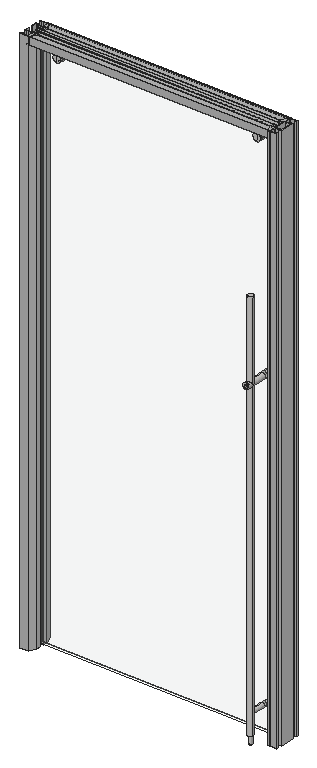
Revit family "Doors_Sliding_Avanti_Systems_Cloud-Eclipse-Sliding-Glass-Pocket-Doors_Dbl-Glazed", category Doors, Revit 2015
Parameters (values of type "Load Family Type Catalog")
  Youtube clip = ""
  Weight Net (Kg) = "0"
  Warranty = "1 year"  # constant formula
  Uniformat II Description = "Interior Doors"
  Uniformat II Code = "C1020"
  Uniclass 2015 Name = "Sliding door and partition sets"
  Uniclass 2015 Code = "Pr_30_59_24_80"
  Uniclass 2.0 Description = "Sliding Door And Partition Sets"
  Uniclass 2.0 Code = "PR-59-23-77"
  Uniclass 1.4 Description = "Doors"
  Uniclass 1.4 Code = "JL20"
  URL = "www.avantisystemsusa.com"
  UNSPSC Code = "30171501"
  Type = 1
  Thickness = if(Type = 1, 1/2", 3/8")  # 1/2"
  Technical description = "https://www.avantisystemsusa.com/wp-content/uploads/products/17-pocket-doors/POCKET-SLDING-GLASS-DOOR.pdf"
  Sound Rating = 0
  Region South America = "All"
  Region Oceania = "All"
  Region North America = "All"
  Region Middle East = "All"
  Region Europe = "All"
  Region Asia = "All"
  Region Antarctica = "All"
  Region Africa = "All"
  Rail Width [instance] = (Opening Width * 2) + 6 5/16"  # 80 5/16"
  QR code = "http://bimobject.com/avantisystems/product/avanti-eclipse-pocket-door"
  Product url = "https://www.avantisystemsusa.com/glass-products/doors/sliding-doors/pocket-doors/"
  Product group = "Pocket Doors"
  Product family = "Sliding Doors"
  Product data url = "https://bimobject.com/avantisystems/product/avanti-eclipse-pocket-door"
  Product certification = ""
  Product SKU = "avanti-eclipse-pocket-door"
  Product Guid = "fa5a576a-2abc-4d75-8a27-b0dd0871f092"
  Opening Width [instance] = 37"
  OmniClass Description = "Sliding All Glass Doors"
  OmniClass Code = "23-17 11 23 13"
  Nominal width = 0"
  Nominal height = 0"
  NBS Reference Description = "Sliding Door And Partition Sets"
  NBS Reference Code = "59-23-77"
  Model = "Eclipse™ Sliding Glass Pocket Doors"  # constant formula
  Material secondary = "Aluminium"
  Material main = "Glass"
  Masterformat 2014 Description = "Sliding Aluminum-Framed Glass Doors"
  Masterformat 2014 Code = "08 32 13"
  Manufacturer name = "Avanti Systems"
  Manufacturer country = ""
  Manufacturer = "Avanti Systems USA"  # constant formula
  Lock = "Thumb turn floor lock with a key"
  Ladder Pull Height [instance] = 18"
  LEED compatibility = "YES"
  Installation instructions = ""
  IFC Classification = "Door"
  Hardware material [instance] = Stainless Steel - Avanti- Brushed Finish
  Handle type [instance] = Handle : 60" Ladder Pull
  Glazing = "Safety Glazing SGCC"
  Glass Width [instance] = 35.68543"
  Glass Material = Glass - Avanti - Laminated Glass
  Glass Marker = yes
  Glass Height [instance] = 81.89207"
  Gap Thickness = 5/16" + 1" / 64  # 21/64"
  Function = Interior
  Frame Material [instance] = Polyester powder - Avanti - White aluminium METALLIC - RAL9006
  Edition number = 1
  EAN code = ""
  Design country = "United States"
  Description = "The Pocket Sliding Glass Door slides smoothly into our Solare™Double Glazed Partition System or a solid traditional wall offering a space saving, ultramodern interior entryway, pleasing to the eye. "  # constant formula
  Date of publishing = ""
  Clear Anodic Finish = "AAMA 611, AA-M12c22A31, Class II, 0.01mm or thicker"
  COBIe Type Category = ""
  Brand url = "http://www.avantisystemsusa.com/"
  BIMobject main category code = "doors"
  BIMobject main category = "Doors"
  BIMobject category code = "doors-sliding"
  BIMobject category = "Sliding"
  Analytic Construction = "<None>"
Reference planes (in)
  plane 1 "Center (Front/Back)": y = 0
  plane 2: z = 0
  plane 3 "Center (Left/Right)": x = 3.24894
  plane 4: x = -15.25106
  plane 5: x = 21.74894
  plane 6 "Top": z = 84
  plane 7 "Curtain_wall_center": y = 0
  plane 8 "Curtain_wall_exterior": y = 0.25
  plane 9 "Curtain_wall_interior": y = -0.25
  plane 10 "Handle_placement_top": z = 18
  plane 11 "Handle_placement_level": x = 19.24894
  plane 12: z = 0.375
  plane 13: x = 18.49894
  plane 14: x = -12.00106
  plane 15: z = 83.48911
  plane 16: z = 82.26707
  plane 17: z = 41.13353
Forms (in)
  Extrusion 1, solid, material "Glass - Avanti - Laminated Glass" <- "Glass Material"
    sketch origin (0, -0.89063, 0) x (1, 0, 0) y (0, 1, 0)
      loop
        line (-14.59373, 1.14063) -> (-14.59373, 0.64063) -> (21.09169, 0.64063) -> (21.09169, 1.14063) -> (-14.59373, 1.14063)
    from 0.375 to 82.26707
  Sweep 2, solid, material "Polyester powder - Avanti - White aluminium METALLIC - RAL9006" <- "Frame Material"
    path origin (0, 0, 0) x (1, 0, 0) y (0, 0, 1)
      loop
        line (21.74894, 84) -> (21.74894, 0)
    profile origin (21.74894, 0, 42) x (0, -1, 0) y (1, 0, 0)
      loop
        line (-0.96, -0.65725) -> (-0.3916, -0.65725) -> (-0.31686, -0.37561) -> (-0.47457, -0.33335) -> (-0.54529, -0.59725) -> (-0.78, -0.59725) -> (-0.78, 0) -> (0.78, 0) -> (0.78, -0.59725) -> (0.54261, -0.59725) -> (0.47138, -0.33141) -> (0.31303, -0.37384) -> (0.38896, -0.65725) -> (0.96, -0.65725) -> (2, -0.21489) -> (2, 1.08111) -> (1.85056, 1.08111) -> (1.77462, 0.7977) -> (1.94, 0.75339) -> (1.94, -0.00002) -> (0.98901, -0.00002) -> (0.98901, 0.75581) -> (1.14538, 0.7977) -> (1.06996, 1.07917) -> (-1.06996, 1.07917) -> (-1.14538, 0.7977) -> (-0.98901, 0.75581) -> (-0.98901, -0.00002) -> (-1.94, -0.00002) -> (-1.94, 0.75339) -> (-1.77462, 0.7977) -> (-1.85056, 1.08111) -> (-2, 1.08111) -> (-2, -0.21489) -> (-0.96, -0.65725)
      loop
        line (-0.91988, 0.05998) -> (0.91988, 0.05998) -> (0.91988, 1.01917) -> (-0.91988, 1.01917) -> (-0.91988, 0.05998)
  Sweep 3, solid, material "Polyester powder - Avanti - White aluminium METALLIC - RAL9006" <- "Frame Material"
    path origin (0, 0, 0) x (1, 0, 0) y (0, 0, 1)
      loop
        line (-15.25106, 84) -> (-15.25106, 0)
    profile origin (-15.25106, 0, 42) x (0, -1, 0) y (1, 0, 0)
      loop
        line (-1.85056, -1.08103) -> (-1.77462, -0.79762) -> (-1.94, -0.75331) -> (-1.94, 0.0001) -> (-0.98901, 0.0001) -> (-0.98901, -0.75573) -> (-1.14538, -0.79762) -> (-1.06996, -1.07909) -> (-0.34, -1.07909) -> (-0.34, -1.01909) -> (-0.91988, -1.01909) -> (-0.91988, -0.0599) -> (-0.34, -0.0599) -> (-0.34, 0) -> (-0.78, 0) -> (-0.78, 0.59733) -> (-0.54529, 0.59733) -> (-0.47457, 0.33343) -> (-0.31686, 0.37569) -> (-0.3916, 0.65732) -> (-0.96001, 0.65732) -> (-2, 0.21497) -> (-2, -1.08103) -> (-1.85056, -1.08103)
      loop
        line (1.85056, -1.08103) -> (2, -1.08103) -> (2, 0.21497) -> (0.96001, 0.65732) -> (0.3916, 0.65732) -> (0.31686, 0.37569) -> (0.47457, 0.33343) -> (0.54529, 0.59733) -> (0.78, 0.59733) -> (0.78, 0) -> (0.34, 0) -> (0.34, -0.0599) -> (0.91988, -0.0599) -> (0.91988, -1.01909) -> (0.34, -1.01909) -> (0.34, -1.07909) -> (1.06996, -1.07909) -> (1.14538, -0.79762) -> (0.98901, -0.75573) -> (0.98901, 0.0001) -> (1.94, 0.0001) -> (1.94, -0.75331) -> (1.77462, -0.79762) -> (1.85056, -1.08103)
  Sweep 4, solid, material "Polyester powder - Avanti - White aluminium METALLIC - RAL9006" <- "Frame Material"
    path origin (0, 0, -1.73293) x (1, 0, 0) y (0, 0, 1)
      loop
        line (21.74894, 84) -> (-15.25106, 84)
    profile origin (3.24894, 0, 82.26707) x (0, 0, -1) y (0, -1, 0)
      loop
        line (-1.73293, -0.91975) -> (-1.73293, -1.99988) -> (-0.65099, -1.99988) -> (-0.65099, -1.85044) -> (-0.91434, -1.77988) -> (-1.67727, -1.77988) -> (-1.67727, -0.98475) -> (-0.9774, -0.98475) -> (-0.9344, -1.14525) -> (-0.65293, -1.06983) -> (-0.65293, -0.91975) -> (-1.59293, -0.91975) -> (-1.59293, -0.69489) -> (0, -0.69489) -> (0, -0.29425) -> (-0.14058, -0.29425) -> (-0.22034, -0.57361) -> (-1.25575, -0.57361) -> (-1.34197, -0.30224) -> (-1.44358, -0.30224) -> (-1.44358, 0.27007) -> (-1.34197, 0.27007) -> (-1.25575, 0.54394) -> (-0.22225, 0.54394) -> (-0.14058, 0.29227) -> (0, 0.29227) -> (0, 0.66511) -> (-1.59293, 0.66511) -> (-1.59293, 0.91975) -> (-0.65293, 0.91975) -> (-0.65293, 1.06983) -> (-0.9344, 1.14525) -> (-0.9774, 0.98475) -> (-1.67727, 0.98475) -> (-1.67727, 1.77988) -> (-0.91434, 1.77988) -> (-0.65099, 1.85044) -> (-0.65099, 1.99988) -> (-1.73293, 1.99988) -> (-1.73293, 0.91975) -> (-1.65293, 0.91975) -> (-1.65293, 0.24) -> (-1.73293, 0.24) -> (-1.73293, -0.24) -> (-1.65293, -0.24) -> (-1.65293, -0.91975) -> (-1.73293, -0.91975)
Lines and regions (in)
  symbolic lines, style "0", not visible
    curve 1: line (-11.39483, 5.69093, 0) -> (-11.39483, 4.43248, 0)
    curve 2: line (-13.64069, 5.69093, 0) -> (-13.64069, 4.43248, 0)
    curve 3: circle (-11.65786, 5.17499, 0) r 0.22256 normal (0, 0, 1)
    curve 4: circle (-11.65786, 5.17499, 0) r 0.13151 normal (0, 0, 1)
    curve 5: circle (-13.37767, 5.17499, 0) r 0.22256 normal (0, 0, 1)
    curve 6: circle (-13.37767, 5.17499, 0) r 0.13151 normal (0, 0, 1)
    curve 7: arc (-12.98268, 5.5493, 0) -> (-13.11464, 5.17499, 0) -> (-12.98268, 4.80068, 0) r 0.59687
    curve 8: arc (-12.05285, 4.80068, 0) -> (-11.92089, 5.17499, 0) -> (-12.05285, 5.5493, 0) r 0.59687
    curve 9: arc (-13.64069, 4.43248, 0) -> (-12.51776, 4.24349, 0) -> (-11.39483, 4.43248, 0) r 3.43052
    curve 10: line (-13.64069, 4.80068, 0) -> (-11.39483, 4.80068, 0)
    curve 11: line (-13.64069, 5.5493, 0) -> (-11.39483, 5.5493, 0)
    curve 12: arc (-13.64069, 5.69093, 0) -> (-12.51776, 5.89326, 0) -> (-11.39483, 5.69093, 0) r 3.2173
    curve 48: line (19.24894, 2.54262, 0) -> (19.24894, 2.75302, 0)
    curve 49: line (20.74894, 4.91762, 0) -> (20.74894, 5.12802, 0)
    curve 50: line (19.24894, -1.75, 0) -> (19.24894, -1.5, 0)
    curve 51: line (20.74894, 0.625, 0) -> (20.74894, 0.875, 0)
  symbolic lines, style "0", detail levels medium+fine
    curve 13: circle (19.24894, 2.52391, 0) r 0.39445 normal (0, 0, 1)
    curve 14: line (18.93894, 2.28001, 0) -> (18.93894, 0.25, 0)
    curve 15: line (19.56195, 2.28387, 0) -> (19.56195, 0.25, 0)
    curve 16: circle (19.24894, -2.52391, 0) r 0.39445 normal (0, 0, -1)
    curve 17: line (18.93894, -2.28001, 0) -> (18.93894, -0.25, 0)
    curve 18: line (19.56195, -2.28387, 0) -> (19.56195, -0.25, 0)
  symbolic lines, style "0", not visible, detail levels medium+fine
    curve 19: circle (20.74894, 4.89891, 0) r 0.39445 normal (0, 0, 1)
    curve 20: line (20.43894, 4.65501, 0) -> (20.43894, 2.625, 0)
    curve 21: line (21.06195, 4.65887, 0) -> (21.06195, 2.625, 0)
    curve 22: circle (20.74894, -0.14891, 0) r 0.39445 normal (0, 0, -1)
    curve 23: line (20.43894, 0.09499, 0) -> (20.43894, 2.125, 0)
    curve 24: line (21.06195, 0.09113, 0) -> (21.06195, 2.125, 0)
  symbolic lines, style "0"
    curve 25: line (-15.25106, -0.25, 0) -> (21.09169, -0.25, 0)
    curve 26: line (21.09169, -0.25, 0) -> (21.09169, 0.25, 0)
    curve 27: line (-15.25106, 0.25, 0) -> (21.09169, 0.25, 0)
    curve 28: line (3.24894, 0.25, 84) -> (3.24894, -0.25, 84)
    curve 29: line (3.24894, 0.25, 70) -> (3.24894, 0.25, 80.93439)
    curve 30: line (3.24894, -0.25, 80.93439) -> (3.24894, -0.25, 0.375)
    curve 31: line (3.24894, 0.25, 0.375) -> (3.24894, 0.25, 71.18005)
    curve 32: line (3.24894, 0.70493, 0) -> (3.24894, 0.40916, 0)
    curve 33: line (-15.25106, 0.25, 0) -> (-15.25106, -0.25, 0)
    curve 34: line (3.24894, 0.25, 0.375) -> (3.24894, -0.25, 0.375)
    curve 35: line (3.24894, 0.25, 81.69283) -> (3.24894, 0.25, 82.26707)
    curve 36: line (3.24894, 0.25, 82.26707) -> (3.24894, -0.25, 82.26707)
    curve 37: line (3.24894, -0.25, 82.26707) -> (3.24894, -0.25, 81.69283)
  symbolic lines, visible <- "Glass Marker"
    curve 38: line (0.42051, -0.24998, 38.30511) -> (6.07737, -0.24998, 43.96196)
    curve 39: line (3.24894, -0.24998, 39.28558) -> (5.0969, -0.24998, 41.13353)
    curve 40: line (1.40098, -0.24998, 41.13353) -> (3.24894, -0.24998, 42.98149)
  symbolic lines, not visible
    curve 41: line (1.40098, 0.25002, 41.13353) -> (5.0969, 0.25002, 41.13353)
    curve 46: line (-1.84534, 0.25002, 22.66367) -> (1.85057, 0.25002, 22.66367)
  model lines, not visible
    curve 42: line (3.24894, 0.25002, 39.28558) -> (3.24894, 0.25002, 42.98149)
    curve 47: line (0.00262, 0.25002, 20.81572) -> (0.00262, 0.25002, 24.51163)
  symbolic lines, visible <- "Glass Marker", not visible
    curve 43: line (-2.82581, -0.24998, 19.83525) -> (2.83104, -0.24998, 25.4921)
    curve 44: line (0.00262, -0.24998, 20.81572) -> (1.85057, -0.24998, 22.66367)
    curve 45: line (-1.84534, -0.24998, 22.66367) -> (0.00262, -0.24998, 24.51163)
Text (in)
  text "Exterior" at (-45.72835, 31.38743, 0), in view "Ref. Level"
Dimensions and locks (in)
  equal spacing: plane 4, plane 3 "Center (Left/Right)", plane 5  (x2)
  equal spacing: plane 8 "Curtain_wall_exterior", plane 7 "Curtain_wall_center", plane 9 "Curtain_wall_interior"
  "Thickness": plane 8 "Curtain_wall_exterior" to plane 9 "Curtain_wall_interior"
  "Ladder Pull Height": plane 2 to plane 10 "Handle_placement_top"
  "Opening Width": plane 4 to plane 5
  plane 2 to plane 12 = 3/8"
  locked: plane 11 "Handle_placement_level" to plane 5 at 2.5
  locked: plane 13 to plane 5 at 3.25
  locked: plane 4 to plane 14 at 3.25
  locked: plane 15 to plane 6 "Top" at 0.51089
  locked: plane 16 to plane 6 "Top" at 1.73293
  plane 8 "Curtain_wall_exterior" to plane 9 "Curtain_wall_interior" = 1/2"
  equal spacing: plane 2, plane 17, plane 16
  "Glass Width": Extrusion 1 to Extrusion 1
  "Glass Height": plane 12 to plane 16
  locked: nested 7 to curve 41 at 7
  aligned and locked: level to plane 2
  aligned and locked: curve 27 to plane 8 "Curtain_wall_exterior"
  aligned and locked: curve 25 to plane 9 "Curtain_wall_interior"
  aligned and locked: plane 9 "Curtain_wall_interior" to curve 17
  aligned and locked: plane 8 "Curtain_wall_exterior" to curve 14
  aligned and locked: nested 1 to plane 7 "Curtain_wall_center"
  aligned and locked: nested 2 to plane 7 "Curtain_wall_center"
  aligned and locked: plane 5 to nested 1
  aligned and locked: nested 2 to plane 4
  aligned and locked: plane 4 to curve 33
  aligned and locked: Sweep 2 sketch curve to plane 5
  aligned and locked: plane 2 to Sweep 2 sketch curve
  aligned and locked: Sweep 3 sketch curve to plane 4
  aligned and locked: plane 2 to Sweep 3 sketch curve
  aligned and locked: Extrusion 1 to plane 9 "Curtain_wall_interior"
  aligned and locked: plane 8 "Curtain_wall_exterior" to Extrusion 1
  aligned and locked: nested 3 to plane 7 "Curtain_wall_center"
  aligned and locked: Sweep 4 to plane 6 "Top"
  aligned and locked: plane 6 "Top" to Sweep 2 sketch curve
  aligned and locked: plane 6 "Top" to Sweep 3 sketch curve
  aligned and locked: plane 5 to Sweep 4 sketch curve
  aligned and locked: plane 4 to Sweep 4 sketch curve
  aligned and locked: nested 3 to curve 29
  aligned and locked: plane 12 to curve 34
  aligned and locked: nested 4 to plane 7 "Curtain_wall_center"
  aligned and locked: nested 4 to nested 3
  aligned and locked: nested 4 to plane 13
  aligned and locked: nested 5 to plane 14
  aligned and locked: plane 15 to nested 5
  aligned and locked: plane 15 to nested 4
  aligned and locked: plane 16 to Extrusion 1
  aligned and locked: curve 35 to plane 8 "Curtain_wall_exterior"
  aligned and locked: curve 36 to plane 16
  aligned and locked: plane 9 "Curtain_wall_interior" to curve 37
  aligned and locked: Extrusion 1 to plane 12
  aligned and locked: Extrusion 1 to Sweep 3
  aligned and locked: Extrusion 1 to Sweep 2
  aligned and locked: plane 17 to curve 41
  aligned and locked: plane 3 "Center (Left/Right)" to curve 42
  aligned and locked: plane 3 "Center (Left/Right)" to nested 6
  aligned and locked: nested 1 to curve 26
  aligned and locked: nested 1 to curve 27
  aligned and locked: nested 7 to plane 3 "Center (Left/Right)"
  aligned and locked: curve 29 to plane 8 "Curtain_wall_exterior"
  aligned and locked: plane 9 "Curtain_wall_interior" to curve 30
  aligned and locked: curve 48 to plane 11 "Handle_placement_level"
  aligned and locked: curve 50 to plane 11 "Handle_placement_level"
  aligned and locked: nested 8 to plane 12
  aligned and locked: plane 11 "Handle_placement_level" to nested 8
  aligned and locked: nested 8 to plane 8 "Curtain_wall_exterior"
Automatic sketch dimensions
  curve 3 to curve 4 = 0"  (x2)
  curve 5 to curve 6 = 0"  (x2)
  curve 7 to curve 8 = 0"  (x2)
  curve 10 to curve 6 = 0.26303"
  curve 5 to curve 8 = 0.8599"
  curve 2 to curve 12 = 1.12293"
  curve 2 to curve 9 = 1.12293"
  curve 7 to curve 4 = 0.8599"
  curve 3 to curve 1 = 0.26303"
  curve 12 to curve 2 = 1.75652"
  curve 9 to curve 5 = 0.7425"
  curve 7 to curve 5 = 0"
  curve 1 to curve 3 = 0.7425"
  curve 5 to curve 2 = 0.51594"
  curve 2 to curve 9 = 1.98308"
  curve 5 to curve 7 = 0.39498"  (x2)
  curve 8 to curve 3 = 0.39498"
  curve 9 to curve 10 = 0.36819"
  Extrusion 1 sketch curve to plane 8 "Curtain_wall_exterior" = 1/2"
  Extrusion 1 sketch curve to Extrusion 1 sketch curve = 1/2"
  plane 5 to Extrusion 1 sketch curve = 0.65725"
  Extrusion 1 sketch curve to plane 4 = 0.65732"
  profile plane to Sweep 2 sketch curve = 0.65725"  (x2)
  Sweep 2 sketch curve to plane 1 "Center (Front/Back)" = 0.3916"
  Sweep 2 sketch curve to profile plane = 0"
  plane 1 "Center (Front/Back)" to Sweep 2 sketch curve = 0.96"
  Sweep 2 sketch curve to Sweep 2 sketch curve = 0.18"
  Sweep 2 sketch curve to Sweep 2 sketch curve = 0.07071"
  Sweep 2 sketch curve to Sweep 2 sketch curve = 0.07475"
  Sweep 2 sketch curve to Sweep 2 sketch curve = 0.15772"
  plane 1 "Center (Front/Back)" to Sweep 2 sketch curve = 0.31303"
  Sweep 2 sketch curve to Sweep 2 sketch curve = 0.07594"  (x3)
  Sweep 2 sketch curve to Sweep 2 sketch curve = 0.15364"
  Sweep 2 sketch curve to Sweep 2 sketch curve = 0.23739"
  Sweep 2 sketch curve to Sweep 2 sketch curve = 0.06"  (x4)
  Sweep 2 sketch curve to Sweep 2 sketch curve = 0.04226"
  Sweep 2 sketch curve to Sweep 2 sketch curve = 0.04243"
  Sweep 2 sketch curve to Sweep 2 sketch curve = 0.14944"
  Sweep 2 sketch curve to Sweep 2 sketch curve = 0.62925"  (x2)
  Sweep 2 sketch curve to Sweep 2 sketch curve = 0.07542"  (x2)
  Sweep 2 sketch curve to Sweep 2 sketch curve = 0.06914"  (x2)
  Sweep 2 sketch curve to plane 1 "Center (Front/Back)" = 0.91988"
  Sweep 2 sketch curve to Sweep 2 sketch curve = 0.13988"
  Sweep 2 sketch curve to Sweep 2 sketch curve = 0.15008"
  Sweep 2 sketch curve to profile plane = 0.75339"  (x2)
  Sweep 2 sketch curve to Sweep 2 sketch curve = 0.16538"
  profile plane to Sweep 2 sketch curve = 0"  (x2)
  Sweep 2 sketch curve to profile plane = 0.05998"
  Sweep 2 sketch curve to Sweep 2 sketch curve = 0.95919"
  Sweep 2 sketch curve to Sweep 2 sketch curve = 0.26336"  (x2)
  Sweep 2 sketch curve to Sweep 2 sketch curve = 0.04431"
  Sweep 2 sketch curve to Sweep 2 sketch curve = 0.0419"  (x2)
  Sweep 2 sketch curve to Sweep 2 sketch curve = 0.2834"
  profile plane to Sweep 2 sketch curve = 0.21489"  (x2)
  Sweep 3 sketch curve to profile plane = 0"  (x2)
  Sweep 3 sketch curve to plane 1 "Center (Front/Back)" = 2"
  profile plane to Sweep 3 sketch curve = 0.75331"
  Sweep 3 sketch curve to Sweep 3 sketch curve = 0.06"  (x5)
  Sweep 3 sketch curve to Sweep 3 sketch curve = 0.14944"  (x2)
  profile plane to Sweep 3 sketch curve = 0.79762"  (x2)
  Sweep 3 sketch curve to Sweep 3 sketch curve = 0.16538"  (x2)
  Sweep 3 sketch curve to Sweep 3 sketch curve = 0.62925"  (x2)
  Sweep 3 sketch curve to Sweep 3 sketch curve = 0.07542"
  Sweep 3 sketch curve to profile plane = 0.0001"  (x2)
  Sweep 3 sketch curve to Sweep 3 sketch curve = 0.15636"  (x2)
  Sweep 3 sketch curve to Sweep 3 sketch curve = 0.02901"
  Sweep 3 sketch curve to Sweep 3 sketch curve = 0.06914"  (x2)
  Sweep 3 sketch curve to Sweep 3 sketch curve = 0.23471"
  Sweep 3 sketch curve to Sweep 3 sketch curve = 0.07071"  (x2)
  Sweep 3 sketch curve to plane 1 "Center (Front/Back)" = 0.34"  (x2)
  Sweep 3 sketch curve to Sweep 3 sketch curve = 0.15772"  (x2)
  plane 1 "Center (Front/Back)" to Sweep 3 sketch curve = 0.31686"
  plane 1 "Center (Front/Back)" to Sweep 3 sketch curve = 0.34"  (x2)
  Sweep 3 sketch curve to Sweep 3 sketch curve = 0.44"
  profile plane to Sweep 3 sketch curve = 0.0599"  (x2)
  Sweep 3 sketch curve to Sweep 3 sketch curve = 0.15008"
  Sweep 3 sketch curve to Sweep 3 sketch curve = 0.07594"
  Sweep 3 sketch curve to Sweep 3 sketch curve = 0.2834"
  Sweep 3 sketch curve to Sweep 3 sketch curve = 1.07909"
  Sweep 3 sketch curve to Sweep 3 sketch curve = 0"
  Sweep 3 sketch curve to Sweep 3 sketch curve = 0.28147"  (x2)
  Sweep 3 sketch curve to profile plane = 0.33343"  (x2)
  Sweep 3 sketch curve to Sweep 3 sketch curve = 0.04226"  (x2)
  Sweep 3 sketch curve to profile plane = 0.21497"  (x2)
  Sweep 3 sketch curve to Sweep 3 sketch curve = 0.15368"  (x2)
  profile plane to Sweep 4 sketch curve = 0.65099"
  Sweep 4 sketch curve to plane 1 "Center (Front/Back)" = 0.24"
  Sweep 4 sketch curve to Sweep 4 sketch curve = 0"  (x3)
  Sweep 4 sketch curve to Sweep 4 sketch curve = 0.05566"  (x2)
  Sweep 4 sketch curve to Sweep 4 sketch curve = 0.08"  (x3)
  Sweep 4 sketch curve to Sweep 4 sketch curve = 0.06"  (x2)
  Sweep 4 sketch curve to Sweep 4 sketch curve = 0.76293"  (x2)
  Sweep 4 sketch curve to Sweep 4 sketch curve = 0.04301"  (x2)
  Sweep 4 sketch curve to Sweep 4 sketch curve = 0.61553"
  Sweep 4 sketch curve to Sweep 4 sketch curve = 0.26334"  (x2)
  Sweep 4 sketch curve to Sweep 4 sketch curve = 0.14944"
  Sweep 4 sketch curve to Sweep 4 sketch curve = 0.22"  (x2)
  Sweep 4 sketch curve to Sweep 4 sketch curve = 0.63462"  (x2)
  Sweep 4 sketch curve to Sweep 4 sketch curve = 0.07542"
  Sweep 4 sketch curve to Sweep 4 sketch curve = 0.065"  (x2)
  Sweep 4 sketch curve to Sweep 4 sketch curve = 0.15008"  (x2)
  Sweep 4 sketch curve to Sweep 4 sketch curve = 0.45489"
  plane 1 "Center (Front/Back)" to Sweep 4 sketch curve = 0.24"
  Sweep 4 sketch curve to Sweep 4 sketch curve = 0.67975"
  Sweep 4 sketch curve to Sweep 4 sketch curve = 0.69986"
  Sweep 4 sketch curve to Sweep 4 sketch curve = 0.1605"
  Sweep 4 sketch curve to Sweep 4 sketch curve = 0.07056"
  Sweep 4 sketch curve to profile plane = 0"  (x2)
  Sweep 4 sketch curve to Sweep 4 sketch curve = 0.22486"
  plane 1 "Center (Front/Back)" to Sweep 4 sketch curve = 0.29227"
  profile plane to Sweep 4 sketch curve = 0.14058"  (x2)
  profile plane to Sweep 4 sketch curve = 0.22225"
  Sweep 4 sketch curve to Sweep 4 sketch curve = 0.12117"
  plane 1 "Center (Front/Back)" to Sweep 4 sketch curve = 0.27007"
  Sweep 4 sketch curve to Sweep 4 sketch curve = 0.1016"  (x2)
  Sweep 4 sketch curve to Sweep 4 sketch curve = 0.39265"
  Sweep 4 sketch curve to plane 1 "Center (Front/Back)" = 0.57361"
  Sweep 4 sketch curve to Sweep 4 sketch curve = 0.08622"  (x2)
  profile plane to Sweep 4 sketch curve = 0.22034"
  Sweep 4 sketch curve to Sweep 4 sketch curve = 0.27935"
  plane 6 "Top" to Sweep 4 sketch curve = 1.73293"
  plane 6 "Top" to curve 28 = 0"
  curve 28 to plane 9 "Curtain_wall_interior" = 0"
  curve 28 to plane 8 "Curtain_wall_exterior" = 0"
  curve 32 to level = 0"
  plane 8 "Curtain_wall_exterior" to curve 32 = 0.15916"
  curve 32 to curve 32 = 0.29578"
  curve 29 to curve 31 = 1.18005"
  curve 30 to curve 29 = 0"
  curve 37 to plane 16 = 147/256"
  curve 37 to curve 35 = 0"
  Sweep 3 sketch curve to Sweep 3 sketch curve = 0.13988"
  Sweep 3 sketch curve to Sweep 3 sketch curve = 0.57988"
  Sweep 3 sketch curve to Sweep 3 sketch curve = 0.18001"
  Sweep 2 sketch curve to Sweep 2 sketch curve = 0.41471"
  Sweep 4 sketch curve to Sweep 4 sketch curve = 0.27386"
  Sweep 4 sketch curve to Sweep 4 sketch curve = 0.20936"
  curve 34 to plane 8 "Curtain_wall_exterior" = 0"
  curve 29 to curve 29 = 10.93439"
  curve 48 to curve 13 = 0"
  curve 14 to curve 13 = 0.31001"
  curve 14 to curve 15 = 0.62301"
  curve 15 to curve 13 = 0.24003"
  curve 15 to curve 15 = 2.03387"
  curve 14 to curve 15 = 0"
  curve 13 to curve 48 = 0.01872"
  curve 48 to curve 48 = 0.2104"
  curve 49 to curve 19 = 0"
  curve 20 to curve 19 = 0.31001"
  curve 20 to curve 21 = 0.62301"
  curve 21 to curve 19 = 0.24003"
  curve 21 to curve 21 = 2.03387"
  curve 20 to curve 21 = 0"
  curve 19 to curve 49 = 0.01872"
  curve 49 to curve 49 = 0.2104"
  curve 50 to curve 16 = 0"
  curve 17 to curve 50 = 0.31001"
  curve 17 to curve 18 = 0.62301"
  curve 16 to curve 18 = 0.24003"
  curve 17 to curve 50 = 0.53001"
  curve 50 to curve 50 = 1/4"
  curve 50 to curve 18 = 1 1/4"
  curve 17 to curve 18 = 0"
  curve 51 to curve 22 = 0"
  curve 23 to curve 51 = 0.31001"
  curve 23 to curve 24 = 0.62301"
  curve 22 to curve 24 = 0.24003"
  curve 23 to curve 51 = 0.53001"
  curve 51 to curve 51 = 1/4"
  curve 51 to curve 24 = 1 1/4"
  curve 23 to curve 24 = 0"
  radius of curve 3 = 0.22256"
  radius of curve 4 = 0.13151"
  radius of curve 5 = 0.22256"
  radius of curve 6 = 0.13151"
Nested families (in)
  nested 1: "Door-Frame-Right" at (21.09169, 0, 0) x (-1, 0, 0) z (0, 0, 1), type "Door-Frame-Right"
  nested 2: "Door-Frame-Left" at (-14.59373, 0, 0) x (-1, 0, 0) z (0, 0, 1), type "Door-Frame-Left"
  nested 3: "Door-Frame-Top" at (3.24894, 0, 84) x (0, 1, 0) z (1, 0, 0), type "Door-Frame-Top"
    with Thicness 1/2"
  nested 4: "Glass-to-Bar-Connector" at (18.49894, 0, 83.48911) x (0, 1, 0) z (0, 0, 1), type "Glass-to-Bar-Connector"
    with Thickness 1/2"
  nested 5: "Glass-to-Bar-Connector" at (-12.00106, 0, 83.48911) x (0, 1, 0) z (0, 0, 1), type "Glass-to-Bar-Connector"
    with Thickness 1/2"
  nested 6: "Arrow" at (3.24894, 2.21751, 0), type "arrow"
  nested 7: "Arrow" at (3.24894, 0, 48.13353) x (1, 0, 0) z (0, -1, 0), type "arrow"
  nested 8: "Handle" at (20.87394, 1.625, 38.375) x (-1, 0, 0) z (0, 1, 0), type <- "Handle type", type "60" Ladder Pull", detail levels medium+fine
    with Locker yes
Definition of nested family "Glass-to-Bar-Connector"
  Parameters (values of type "Glass-to-Bar-Connector")
    Thickness = 3/8"
    Material = none
  Reference planes (in)
    plane 1 "Center (Front/Back)": y = 0
    plane 2: z = 0
    plane 3 "Center (Left/Right)": x = 0
    plane 4: x = -0.1875
    plane 5: x = 0.1875
    plane 6: x = -0.26859
    plane 7: x = 0.26859
  Forms (in)
    Revolve 1, solid, material <- "Material"
      sketch origin (0, 0, -13.82453) x (1, 0, 0) y (0, 0, 1)
        loop
          line (-0.50751, 13.31951) -> (0.52055, 13.31951) -> (0.52055, 13.81188) -> (0.28803, 13.85847) -> (0.28803, 13.52986) -> (0.22937, 13.52986) -> (0.22937, 13.82453) -> (-0.21265, 13.82453) -> (-0.21265, 13.52986) -> (-0.25587, 13.52986) -> (-0.25587, 13.86153) -> (-0.50751, 13.79365) -> (-0.50751, 13.31951)
        axis (-0.50751, 13.31951) -> (0.52055, 13.31951)
      angle from 0 to 360
    Revolve 2, solid, material <- "Material"
      sketch origin (0, 0, -13.82453) x (1, 0, 0) y (0, 0, 1)
        loop
          line (-0.26859, 11.67377) -> (0.26859, 11.67377) -> (0.26859, 12.26658) -> (0.1875, 12.26658) -> (0.1875, 12.02825) -> (-0.1875, 12.02825) -> (-0.1875, 12.26658) -> (-0.26859, 12.26658) -> (-0.26859, 11.67377)
        axis (-0.26859, 11.67377) -> (0.26859, 11.67377)
      angle from 0 to 360
    Sweep 3, solid, material <- "Material"
      path origin (0, 0, -13.82453) x (1, 0, 0) y (0, 0, 1)
        loop
          line (0, 11.93165) -> (0, 12.95558)
      profile origin (0, 0, -1.38091) x (-1, 0, 0) y (0, -1, 0)
        loop
          circle (0, 0) r 0.08767
  Lines and regions (in)
    reference lines
      curve 1: line (-0.21265, 0, 0) -> (0.22937, 0, 0)
  Dimensions and locks (in)
    equal spacing: plane 5, plane 3 "Center (Left/Right)", plane 4
    "Thickness": plane 5 to plane 4
    locked: plane 4 to plane 6 at 0.08109
    locked: plane 7 to plane 5 at 0.08109
    equal spacing: plane 7, plane 3 "Center (Left/Right)", plane 6
    aligned and locked: level to plane 2
    aligned and locked: plane 6 to Revolve 2 sketch curve
    aligned and locked: Revolve 2 sketch curve to plane 4
    aligned and locked: plane 5 to Revolve 2 sketch curve
    aligned and locked: Revolve 2 sketch curve to plane 7
  Automatic sketch dimensions
    Revolve 1 sketch curve to plane 6 = 0.23892"
    plane 6 to Revolve 1 sketch curve = 0.01273"
    Revolve 1 sketch curve to plane 4 = 0.02515"
    Revolve 1 sketch curve to plane 7 = 0.03923"
    plane 7 to Revolve 1 sketch curve = 0.01944"
    plane 7 to Revolve 1 sketch curve = 0.25196"
    Revolve 1 sketch curve to level = 0.50502"
    Revolve 1 sketch curve to Revolve 1 sketch curve = 0.21035"  (x2)
    Revolve 1 sketch curve to Revolve 1 sketch curve = 0.26379"
    Revolve 1 sketch curve to Revolve 1 sketch curve = 0.28202"
    Revolve 1 sketch curve to Revolve 1 sketch curve = 0.01265"
    Revolve 1 sketch curve to Revolve 1 sketch curve = 0.03394"
    Revolve 1 sketch curve to Revolve 1 sketch curve = 0.037"
    Revolve 1 sketch curve to Revolve 1 sketch curve = 0"  (x3)
    Revolve 2 sketch curve to plane 6 = 0"
    Revolve 2 sketch curve to plane 7 = 0"
    Revolve 2 sketch curve to level = 2.15075"
    Revolve 2 sketch curve to Revolve 2 sketch curve = 0.35447"
    Revolve 2 sketch curve to level = 1.55794"  (x2)
    Revolve 2 sketch curve to Revolve 2 sketch curve = 0"
    Sweep 3 sketch curve to plane 3 "Center (Left/Right)" = 0"
    Sweep 3 sketch curve to level = 1.89287"
    Sweep 3 sketch curve to level = 0.86894"
    Sweep 3 sketch curve to profile plane = 0"
    profile plane to Sweep 3 sketch curve = 0"
    curve 1 to level = 0"
    curve 1 to plane 4 = 0.02515"
    curve 1 to plane 7 = 0.03923"
    radius of Sweep 3 sketch curve = 0.08767"
Definition of nested family "Handle"
  Parameters (values of type "48" Ladder Pull")
    Width = 54.28299"
    Type = 3
    Ladder Pool Height = 18"
    Ladder 60" = if(Type = 5, 1 = 1, 1 = 0)  # no
    Ladder = if(Type = 3, 1 = 1, 1 = 0)  # yes
    Thickness = 1/2"
    Panic hardware = if(Type = 4, 1 = 1, 1 = 0)  # no
    Material = none
    Locker [instance] = yes
    Height = 90 9/16"
    Glass door = if(Type = 2, 1 = 1, 1 = 0)  # no
    Framed door = if(Type = 1, 1 = 1, 1 = 0)  # no
    Default Elevation = 48"
  Types (2): name | Type | Ladder 60" | Ladder
    60" Ladder Pull | 5 | yes | no
    48" Ladder Pull | 3 | no | yes
  Reference planes (in)
    plane 1 "Center (Front/Back)": y = 0
    plane 2: z = 0
    plane 3 "Center (Left/Right)": x = 0
    plane 4 "door_up": z = -1.375
    plane 5 "door_down": z = -1.875
    plane 6: z = -3.25
    plane 7: x = -1.25
    plane 8: x = -43.31449
    plane 9: x = -46.03299
    plane 10: x = -43.31449
    plane 11: y = 51.9375
    plane 12: y = 0.625
    plane 13: y = 11.125
    plane 14: y = 52.5625
    plane 15: y = -38
    plane 16: x = -50.15799
    plane 17 "door": x = 4.125
    plane 18: x = 1.625
    plane 19: y = -20
  Forms (in)
    Sweep 1, solid, material <- "Material", visible <- "Panic hardware"
      path origin (0, 0, 0) x (1, 0, 0) y (0, 1, 0)
        loop
          line (-1.25, 51.9375) -> (-1.25, 4.25)
          arc (-1.25, 4.25) -> (-2.12868, 2.12868) -> (-4.25, 1.25) r 3
          line (-4.25, 1.25) -> (-43.31449, 1.25)
      profile origin (-1.25, 28.09375, 0) x (1, 0, 0) y (0, 0, 1)
        loop
          circle (0.625, 0.625) r 0.625
    Sweep 2, solid, material <- "Material", visible <- "Panic hardware"
      path origin (0, 0, 0) x (1, 0, 0) y (0, 0, 1)
        loop
          line (-43.31449, 0) -> (-44.06449, 0)
          arc (-44.06449, 0) -> (-44.57255, -0.21044) -> (-44.78299, -0.7185) r 0.7185
          line (-44.78299, -0.7185) -> (-44.78299, -1.375)
      profile origin (-43.68949, 0, 0) x (0, 0, -1) y (0, -1, 0)
        loop
          circle (-0.625, -0.625) r 0.625
    Sweep 3, solid, material <- "Material", visible <- "Panic hardware"
      path origin (0, 0, -6.75) x (1, 0, 0) y (0, 0, -1)
        loop
          line (-43.31449, -3.5) -> (-44.06449, -3.5)
          arc (-44.06449, -3.5) -> (-44.57255, -3.71044) -> (-44.78299, -4.2185) r 0.7185
          line (-44.78299, -4.2185) -> (-44.78299, -4.875)
      profile origin (-43.68949, 0, -3.25) x (0, 0, -1) y (0, -1, 0)
        loop
          circle (0.625, -0.625) r 0.625
    Sweep 4, solid, material <- "Material", visible <- "Panic hardware"
      path origin (-30, 0, -6.75) x (-1, 0, 0) y (0, 0, -1)
        loop
          line (13.31449, -3.5) -> (-28.0315, -3.5)
          arc (-28.0315, -3.5) -> (-28.53956, -3.71044) -> (-28.75, -4.2185) r 0.7185
          line (-28.75, -4.2185) -> (-28.75, -4.875)
      profile origin (-22.6415, 0, -3.25) x (0, 0, 1) y (0, -1, 0)
        loop
          circle (-0.625, -0.625) r 0.625
  Cuts and joins
    joined: Sweep 1, Sweep 2
    joined: Sweep 3, Sweep 4
  Dimensions and locks (in)
    "Thickness": plane 5 "door_down" to plane 4 "door_up"
    locked: plane 3 "Center (Left/Right)" to plane 7 at 1.25
    locked: plane 9 to plane 8 at 2.7185
    locked: plane 9 to Sweep 3 sketch curve at 1.25
    locked: Sweep 2 sketch curve to plane 9 at 1.25
    locked: plane 10 to plane 9 at 2.7185
    locked: Sweep 1 sketch curve to plane 1 "Center (Front/Back)" at 1.25
    locked: plane 3 "Center (Left/Right)" to nested 1 at 0.125
    locked: plane 4 "door_up" to plane 2 at 1.375
    locked: plane 6 to plane 5 "door_down" at 1.375
    locked: plane 12 to plane 1 "Center (Front/Back)" at 0.625
    locked: plane 13 to plane 12 at 10.5
    locked: plane 14 to plane 11 at 0.625
    "Height": plane 14 to plane 15
    locked: plane 1 "Center (Front/Back)" to plane 15 at 38
    locked: plane 3 "Center (Left/Right)" to plane 17 "door" at 4.125
    "Width": plane 16 to plane 17 "door"
    locked: plane 16 to plane 10 at 6.8435
    locked: plane 18 to plane 17 "door" at 2.5
    "Ladder Pool Height": plane 19 to plane 15
    aligned and locked: level to plane 2
    aligned and locked: plane 4 "door_up" to cut or joined group of Sweep 1, Sweep 2
    aligned and locked: Sweep 2 sketch curve to plane 4 "door_up"
    aligned and locked: Sweep 3 sketch curve to plane 5 "door_down"
    aligned and locked: plane 6 to Sweep 3 sketch curve
    aligned and locked: plane 7 to Sweep 4 sketch curve
    aligned and locked: Sweep 4 sketch curve to plane 6
    aligned and locked: plane 8 to Sweep 4 sketch curve
    aligned and locked: plane 8 to Sweep 3 sketch curve
    aligned and locked: plane 10 to Sweep 2 sketch curve
    aligned and locked: plane 10 to Sweep 1 sketch curve
    aligned and locked: plane 11 to Sweep 1 sketch curve
    aligned and locked: plane 5 "door_down" to Sweep 4 sketch curve
    aligned and locked: nested 1 to plane 4 "door_up"
    aligned and locked: plane 13 to nested 1
    aligned and locked: nested 2 to plane 4 "door_up"
    aligned and locked: plane 3 "Center (Left/Right)" to nested 2
    aligned and locked: nested 2 to plane 11
    aligned and locked: nested 2 to plane 14
    aligned and locked: plane 18 to nested 3
    aligned and locked: plane 1 "Center (Front/Back)" to nested 3
    aligned and locked: nested 4 to plane 18
    aligned and locked: nested 4 to plane 1 "Center (Front/Back)"
    aligned and locked: nested 5 to plane 4 "door_up"
    aligned and locked: nested 5 to plane 17 "door"
    aligned and locked: nested 5 to plane 1 "Center (Front/Back)"
    aligned and locked: nested 6 to plane 4 "door_up"
    aligned and locked: plane 5 "door_down" to nested 7
    aligned and locked: nested 7 to plane 19
    aligned and locked: plane 19 to nested 6
    aligned and locked: nested 6 to plane 18
    aligned and locked: nested 7 to plane 18
    aligned and locked: plane 4 "door_up" to nested 8
    aligned and locked: plane 15 to nested 8
    aligned and locked: plane 5 "door_down" to nested 9
    aligned and locked: nested 9 to plane 15
    aligned and locked: plane 18 to nested 8
    aligned and locked: plane 18 to nested 9
  Nested families (in)
    nested 1: "Family2" at (-1.125, 11.125, 0.22234), visible <- "Panic hardware", type "Family2"
      with Lock yes
    nested 2: "Family3" at (-0.26102, 51.9375, -1.63602), visible <- "Panic hardware", type "Family3"
      with Thickness 1/2"
    nested 3: "Handle Timber" at (1.625, 0, -1.875), Locker <- "Locker", visible <- "Framed door", type "Handle Timber"
      with Locker yes
    nested 4: "Handle Timber" at (1.625, 0, -1.375) x (1, 0, 0) z (0, 0, -1), Locker <- "Locker", visible <- "Framed door", type "Handle Timber"
      with Locker yes
    nested 5: "Hinged Framed Swing locker" at (3.22214, -1.5625, -5.625), Handle and assembly material <- "Material", visible <- "Glass door", type "Hinged Framed Swing locker"
      with Handle and assembly material none
    nested 6: "Handle_For-Glass_Rounded_600mm" at (1.625, 13.36577, -1.375) x (-1, 0, 0) z (0, 0, -1), Handle Material <- "Material", visible <- "Ladder", type "Handle_For-Glass_Rounded_600mm"
      with Handle Material none, Handle Height 48"
    nested 7: "Handle_For-Glass_Rounded_600mm" at (1.625, -5.36577, -1.875) x (-1, 0, 0) z (0, 0, 1), Handle Material <- "Material", visible <- "Ladder", type "Handle_For-Glass_Rounded_600mm"
      with Handle Material none, Handle Height 48"
    nested 8: "Handle_For-Glass_Rounded_60in" at (1.625, 2.47039, -1.375), visible <- "Ladder 60"", Handle Material <- "Material", type "60""
      with No locker yes, Locker no, Handle Material none, Handle Height 60"
    nested 9: "Handle_For-Glass_Rounded_60in2" at (1.625, 2.47039, -1.875), visible <- "Ladder 60"", Handle Material <- "Material", type "60""
      with No locker no, Locker yes, Handle Material none, Handle Height 60"
  Definition of nested family "Family2"
    Parameters (values of type "Family2")
      Thickness = 1/2"
      Material = none
      Lock = no
    Reference planes (in)
      plane 1 "Center (Front/Back)": y = 0
      plane 2: z = 0
      plane 3 "Center (Left/Right)": x = 0
      plane 4: z = -2.09734
      plane 5: z = -1.59734
    Forms (in)
      Extrusion 1, solid, material <- "Material"
        sketch origin (0, 0, 0) x (0, 1, 0) y (0, 0, 1)
          loop
            line (5.04078, -0.345) -> (5.04078, 0) -> (-2.39922, 0) -> (-2.39922, -0.345) -> (5.04078, -0.345)
        from 0 to 1
      Extrusion 2, solid, material <- "Material"
        sketch origin (0, 0, 0) x (0, 1, 0) y (0, 0, 1)
          loop
            line (-0.3074, -0.345) -> (-1.4374, -0.345) -> (-1.4374, -1.31734) -> (-0.3074, -1.31734) -> (-0.3074, -0.345)
        from 0.32565 to 0.66353
      Extrusion 3, solid, material <- "Material"
        sketch origin (0, 0, 0) x (0, 1, 0) y (0, 0, 1)
          loop
            line (-1.4374, -1.31734) -> (-1.4374, -1.59734) -> (1.43807, -1.59734) -> (1.43807, -1.31734) -> (-1.4374, -1.31734)
          loop
            line (1.45803, -2.09734) -> (-1.41697, -2.09734) -> (-1.41697, -3.82961)
            arc (-1.41697, -3.82961) -> (-1.36191, -3.96254) -> (-1.22897, -4.01761) r 0.188
            line (-1.22897, -4.01761) -> (1.27003, -4.01761)
            arc (1.27003, -4.01761) -> (1.40297, -3.96254) -> (1.45803, -3.82961) r 0.188
            line (1.45803, -3.82961) -> (1.45803, -2.09734)
        from 0 to 1
      Extrusion 4, solid, material <- "Material"
        sketch origin (0, 0, 0) x (0, 1, 0) y (0, 0, 1)
          loop
            arc (-3.2641, -0.65221) -> (-3.242, -0.64306) -> (-3.23285, -0.62096) r 0.03125
            line (-3.23285, -0.62096) -> (-3.23285, 0) -> (-3.4516, 0) -> (-3.4516, -0.62096)
            arc (-3.4516, -0.62096) -> (-3.44244, -0.64306) -> (-3.42035, -0.65221) r 0.03125
            line (-3.42035, -0.65221) -> (-3.2641, -0.65221)
        from 0.32565 to 0.66353
      Extrusion 5, solid, material <- "Material", visible <- "Lock"
        sketch origin (1, 0, 0) x (0, 1, 0) y (0, 0, 1)
          loop
            circle (0.20853, -3.12734) r 0.58
          loop
            circle (0.20853, -3.12734) r 0.5625
          loop
            circle (-0.07272, -3.12734) r 0.22671
        from 0 to 0.25
      Extrusion 6, solid, material <- "Material", visible <- "Lock"
        sketch origin (1, 0, 0) x (0, 1, 0) y (0, 0, 1)
          loop
            circle (0.20853, -3.12734) r 0.5625
        from 0 to 0.20472
      Extrusion 7, solid, material <- "Material", visible <- "Lock", not visible
        sketch origin (1, 0, 0) x (0, 1, 0) y (0, 0, 1)
          loop
            circle (0.20853, -3.12734) r 0.58
          loop
            circle (0.20853, -3.12734) r 0.5625
          loop
            circle (-0.07272, -3.12734) r 0.22671
        from 0 to 0.25
      Extrusion 8, solid, material <- "Material", visible <- "Lock", not visible
        sketch origin (1, 0, 0) x (0, 1, 0) y (0, 0, 1)
          loop
            circle (0.20853, -3.12734) r 0.5625
        from 0 to 0.20472
    Lines and regions (in)
      model lines, not visible
        curve 1: line (0, -0.35397, -3.12734) -> (0, 0.39603, -3.12734)
        curve 2: line (0, -0.35397, -3.12734) -> (0, 0.39603, -3.12734)
    Dimensions and locks (in)
      "Thickness": plane 4 to plane 5
      locked: plane 5 to plane 2 at 1.59734
      aligned and locked: level to plane 2
      aligned and locked: plane 5 to Extrusion 3 sketch curve
      aligned and locked: Extrusion 3 sketch curve to Extrusion 2
      aligned and locked: Extrusion 3 sketch curve to plane 4
  Definition of nested family "Family3"
    Parameters (values of type "Family3")
      Thickness = 0.50125"
      Material = none
    Reference planes (in)
      plane 1 "Center (Front/Back)": y = 0
      plane 2: z = 0
      plane 3 "Center (Left/Right)": x = 0
      plane 4: z = 0.26102
      plane 5: z = -0.24023
    Forms (in)
      Extrusion 1, solid, material <- "Material"
        sketch origin (-0.98898, 0.625, 0.26102) x (0, 0, -1) y (0, 1, 0)
          loop
            line (-0.28125, 0.125) -> (-0.28125, -2.375) -> (0, -2.375) -> (0, 0) -> (0.50125, 0) -> (0.50125, -2.37518) -> (0.78125, -2.37518) -> (0.78125, 0.125) -> (-0.28125, 0.125)
        from 0 to 1.25
      Revolve 2, solid, material <- "Material"
        sketch origin (-0.36398, 0.615, 0.26102) x (0, 0, -1) y (0, 1, 0)
          loop
            line (-0.28125, -0.615) -> (-1.5092, -0.615) -> (-1.5092, -0.995) -> (-0.28125, -0.995) -> (-0.28125, -0.615)
          axis (-1.5092, -0.995) -> (-0.28125, -0.995)
        angle from 0 to 360
    Dimensions and locks (in)
      "Thickness": plane 4 to plane 5
      locked: Extrusion 1 to plane 4 at 0.28125
      locked: plane 5 to Extrusion 1 at 0.28
      aligned and locked: level to plane 2
      aligned and locked: Extrusion 1 to plane 4
      aligned and locked: plane 5 to Extrusion 1
  Definition of nested family "Handle Timber"
    Parameters (values of type "Handle Timber")
      Locker [instance] = yes
      Handle material = none
      Default Elevation = 48"
    Reference planes (in)
      plane 1 "Center (Front/Back)": y = 0
      plane 2: z = 0
      plane 3 "Center (Left/Right)": x = 0
    Forms (in)
      Extrusion 1, solid, material <- "Handle material"
        sketch origin (0, 0.00944, 0.00975) x (-1, 0, 0) y (0, -1, 0.00026)
          loop
            line (0.82036, -6.01526) -> (0.82036, -4.11121)
            arc (0.82036, -4.11121) -> (0, -3.29085) -> (-0.82036, -4.11121) r 0.82036
            line (-0.82036, -4.11121) -> (-0.82036, -6.01526)
            arc (-0.82036, -6.01526) -> (0, -6.83563) -> (0.82036, -6.01526) r 0.82036
          loop
            line (0.82036, -0.95129) -> (0.82036, 0.95276)
            arc (0.82036, 0.95276) -> (0, 1.77313) -> (-0.82036, 0.95276) r 0.82036
            line (-0.82036, 0.95276) -> (-0.82036, -0.95129)
            arc (-0.82036, -0.95129) -> (0, -1.77165) -> (0.82036, -0.95129) r 0.82036
        from -0.36 to -0.00798
      Sweep 2, solid, material <- "Handle material"
        path origin (0, 0.00944, 0.00975) x (-1, 0, 0) y (0, 0.00026, 1)
          loop
            line (0.00372, -0.36) -> (0.00372, -2.13165)
            arc (0.00372, -2.13165) -> (0.19244, -2.58727) -> (0.64805, -2.77599) r 0.64433
            line (0.64805, -2.77599) -> (4.19136, -2.77599)
            arc (4.19136, -2.77599) -> (4.78191, -2.53137) -> (5.02652, -1.94082) r 0.83517
            line (5.02652, -1.94082) -> (5.02652, -0.63757)
        profile origin (-0.00372, 0.00911, -1.23607) x (-1, 0, 0) y (0, 1, -0.00026)
          loop
            circle (0, 0) r 0.3937
      Extrusion 3, solid, material <- "Handle material", visible <- "Locker"
        sketch origin (0, 0.00944, 0.00975) x (-1, 0, 0) y (0, -1, 0.00026)
          loop
            line (0.82009, 4.11958) -> (0.82408, 6.02363)
            arc (0.82408, 6.02363) -> (0.00543, 6.84571) -> (-0.81665, 6.02706) r 0.82036
            line (-0.81665, 6.02706) -> (-0.82063, 4.12301)
            arc (-0.82063, 4.12301) -> (-0.00199, 3.30093) -> (0.82009, 4.11958) r 0.82036
        from -0.36 to -0.01061
    Lines and regions (in)
      reference lines
        curve 1: line (0, 6.84506, 0) -> (0, -6.83627, 0)
        curve 2: line (-5.42022, 0.00893, 0) -> (0.82036, 0.00893, 0)
    Dimensions and locks (in)
      aligned and locked: level to plane 2
  Definition of nested family "Hinged Framed Swing locker"
    Parameters (values of type "Hinged Framed Swing locker")
      Thickness = 1/2"
      Lock = yes
      Handle and assembly material [instance] = none
    Reference planes (in)
      plane 1 "Center (Front/Back)": y = 0
      plane 2: z = 0
      plane 3 "Center (Left/Right)": x = 0
      plane 4: y = 0.59375
      plane 5: y = -0.59375
      plane 6: x = -1
      plane 7: x = 1
      plane 8: y = 0.25
      plane 9: y = -0.25
      plane 10: x = 1.5
      plane 11: z = 8
      plane 12: z = 4.6875
      plane 13: z = 3.6875
      plane 14: z = 3.125
      plane 15: x = 1.38539
      plane 16: z = 2.79297
      plane 17: y = 0.25
      plane 18: y = -0.25
      plane 19: x = 0.90286
      plane 20: z = 6.0625
      plane 21: y = -0.84375
      plane 22: y = -0.80275
      plane 23 "handle_center": z = 2.4375
      plane 24: x = -4.375
      plane 25: y = -1.23355
      plane 26: z = 2.69544
      plane 27: z = 2.17956
      plane 28: y = -2.05222
      plane 29: y = -2.71875
      plane 30: z = 2.69544
      plane 31: z = 2.17956
      plane 32: z = 4.25
      plane 33: z = 3.75
      plane 34: z = 4
    Forms (in)
      Extrusion 1, solid, material <- "Handle and assembly material"
        sketch origin (0, -4, 4) x (1, 0, 0) y (0, 0, -1)
          loop
            line (-1, 0.59375) -> (-1, 0.25) -> (0.90286, 0.25) -> (0.90286, -0.25) -> (-1, -0.25) -> (-1, -0.59375) -> (1, -0.59375) -> (1, 0.59375) -> (-1, 0.59375)
        from 0 to 8
      Extrusion 2, solid, material <- "Handle and assembly material", detail levels fine
        sketch origin (0, -4, 4) x (1, 0, 0) y (0, 0, -1)
          loop
            line (1, 0.25) -> (1, -0.25)
            arc (1, -0.25) -> (1.27121, -0.02121) -> (1.5, 0.25) r 2.09856
            line (1.5, 0.25) -> (1, 0.25)
        from 3.6875 to 4.6875
      Extrusion 3, solid, material <- "Handle and assembly material", detail levels fine
        sketch origin (0, -4, 4) x (1, 0, 0) y (0, 0, -1)
          loop
            line (1, 0.25) -> (1, -0.25)
            arc (1, -0.25) -> (1.0598, -0.20427) -> (1.0921, -0.13627) r 0.16012
            arc (1.0921, -0.13627) -> (1.11202, -0.10046) -> (1.14874, -0.08227) r 0.06897
            line (1.14874, -0.08227) -> (1.30312, -0.08227)
            arc (1.30312, -0.08227) -> (1.36129, -0.05818) -> (1.38539, 0) r 0.08227
            arc (1.38539, 0) -> (1.36129, 0.05818) -> (1.30312, 0.08227) r 0.08227
            line (1.30312, 0.08227) -> (1.14874, 0.08227)
            arc (1.14874, 0.08227) -> (1.11202, 0.10046) -> (1.0921, 0.13627) r 0.06897
            arc (1.0921, 0.13627) -> (1.0598, 0.20427) -> (1, 0.25) r 0.16012
        from 2.79297 to 3.125
      Extrusion 4, solid, material <- "Handle and assembly material", visible <- "Lock", detail levels medium+fine
        sketch origin (1, -4, 4.59375) x (-1, 0, 0) y (0, -1, 0)
          loop
            circle (1, -6.0625) r 0.63654
          loop
            circle (1, -6.0625) r 0.60041
        from 0 to 0.25
      Extrusion 5, solid, material <- "Handle and assembly material", visible <- "Lock", detail levels medium+fine
        sketch origin (1, -4, 4.59375) x (-1, 0, 0) y (0, -1, 0)
          loop
            circle (1, -6.0625) r 0.60041
        from 0 to 0.209
      Blend 6, solid, material <- "Handle and assembly material", visible <- "Lock", detail levels fine
        base sketch origin (1, -4, 4.80275) x (-1, 0, 0) y (0, -1, 0)
          loop
            circle (1, -5.84645) r 0.21605
        top sketch origin (1, -4, 4.80275) x (-1, 0, 0) y (0, -1, 0)
          loop
            circle (1, -5.84645) r 0.19257
        from 0 to 0.041
      Extrusion 7, solid, material <- "Handle and assembly material"
        sketch origin (1, -4, 4.59375) x (-1, 0, 0) y (0, -1, 0)
          loop
            circle (1, -2.4375) r 0.35547
        from 0 to 1.45847
      Extrusion 8, void
        sketch origin (0.04357, -4.04543, 4) x (0, 0, -1) y (-0.017452, 0.999848, 0)
          loop
            line (-1.23355, 2.79297) -> (-1.23355, 2.90667) -> (-2.86779, 2.90667) -> (-2.86779, 2.69544) -> (-1.36779, 2.69544)
            arc (-1.36779, 2.69544) -> (-1.28242, 2.71908) -> (-1.23355, 2.79297) r 0.12635
        from -3.60215 to 0.49573
      Extrusion 9, solid, material <- "Handle and assembly material"
        sketch origin (1, -4, 4.59375) x (-1, 0, 0) y (0, -1, 0)
          loop
            arc (0.71851, -2.22043) -> (0.66353, -2.32283) -> (0.64453, -2.4375) r 0.35547
            arc (0.64453, -2.4375) -> (0.66353, -2.55217) -> (0.71851, -2.65457) r 0.35547
            line (0.71851, -2.65457) -> (5.3098, -2.57443) -> (5.375, -2.50923) -> (5.375, -2.36577) -> (5.3098, -2.30057) -> (0.71851, -2.22043)
        from 1.45847 to 2.125
      Extrusion 10, void
        sketch origin (0.04357, 0.92043, 4) x (0, 0, -1) y (0.017452, 0.999848, 0)
          loop
            arc (-1.23355, -2.79297) -> (-1.28242, -2.71908) -> (-1.36779, -2.69544) r 0.12635
            line (-1.36779, -2.69544) -> (-2.86779, -2.69544) -> (-2.86779, -2.90667) -> (-1.23355, -2.90667) -> (-1.23355, -2.79297)
        from -3.60215 to 0.49573
      Extrusion 11, solid, material <- "Handle and assembly material"
        sketch origin (1, -4, 3.40625) x (0, 1, 0) y (1, 0, 0)
          loop
            circle (2.4375, -1) r 0.35547
        from 0 to 1.45847
      Extrusion 12, void
        sketch origin (0.04357, -4.04543, 4) x (0, 0, 1) y (0.017452, -0.999848, 0)
          loop
            arc (-1.23355, -2.79297) -> (-1.28242, -2.71908) -> (-1.36779, -2.69544) r 0.12635
            line (-1.36779, -2.69544) -> (-2.86779, -2.69544) -> (-2.86779, -2.90667) -> (-1.23355, -2.90667) -> (-1.23355, -2.79297)
        from -3.60215 to 0.49573
      Extrusion 13, solid, material <- "Handle and assembly material"
        sketch origin (1, -4, 3.40625) x (0, 1, 0) y (1, 0, 0)
          loop
            line (2.22043, -0.71851) -> (2.30057, -5.3098) -> (2.36577, -5.375) -> (2.50923, -5.375) -> (2.57443, -5.3098) -> (2.65457, -0.71851)
            arc (2.65457, -0.71851) -> (2.55217, -0.66353) -> (2.4375, -0.64453) r 0.35547
            arc (2.4375, -0.64453) -> (2.32283, -0.66353) -> (2.22043, -0.71851) r 0.35547
        from 1.45847 to 2.125
      Extrusion 14, void
        sketch origin (0.04357, 0.92043, 4) x (0, 0, 1) y (-0.017452, -0.999848, 0)
          loop
            line (-1.23355, 2.79297) -> (-1.23355, 2.90667) -> (-2.86779, 2.90667) -> (-2.86779, 2.69544) -> (-1.36779, 2.69544)
            arc (-1.36779, 2.69544) -> (-1.28242, 2.71908) -> (-1.23355, 2.79297) r 0.12635
        from -3.60215 to 0.49573
    Cuts and joins
      Extrusion 8, Extrusion 10, Extrusion 12, Extrusion 14 cuts Extrusion 7
      Extrusion 10, Extrusion 12, Extrusion 14 cuts Extrusion 9
      joined: Extrusion 7, Extrusion 9
      Extrusion 12, Extrusion 14 cuts Extrusion 11
      Extrusion 12 cuts Extrusion 13
      joined: Extrusion 11, Extrusion 13
    Lines and regions (in)
      reference lines
        curve 1: line (0.35547, -1.5625, 0) -> (-4.39453, -1.5625, 0)
    Dimensions and locks (in)
      plane 4 to plane 5 = 1 3/16"
      plane 6 to plane 7 = 2"
      plane 11 to plane 2 = 8"
      plane 11 to plane 12 to plane 13 to plane 14 to plane 16 = 3 5/16" locked, 1" locked, 9/16" locked, 85/256" locked
      equal spacing: plane 17, plane 1 "Center (Front/Back)", plane 18
      "Thickness": plane 17 to plane 18
      locked: plane 19 to plane 7 at 0.09714
      locked: plane 15 to plane 10 at 0.11461
      equal spacing: plane 6, plane 3 "Center (Left/Right)", plane 7
      locked: plane 11 to plane 20 at 1.9375
      locked: plane 5 to plane 21 at 0.25
      locked: plane 22 to plane 21 at 0.041
      locked: plane 11 to plane 23 "handle_center" at 5.5625
      locked: plane 24 to plane 7 at 5.375
      locked: plane 5 to plane 29 at 2.125
      "Thickness": plane 32 to plane 33
      locked: Extrusion 1 to plane 32 at 0.34375
      locked: plane 33 to Extrusion 1 at 0.34375
      aligned and locked: level to plane 2
      aligned and locked: Extrusion 1 sketch curve to plane 6  (x2)
      aligned and locked: plane 7 to Extrusion 1 sketch curve
      aligned and locked: plane 7 to Extrusion 3 sketch curve  (x2)
      aligned and locked: plane 15 to Extrusion 3 sketch curve
      aligned and locked: plane 7 to Extrusion 2 sketch curve  (x2)
      aligned and locked: plane 10 to Extrusion 2 sketch curve
      aligned and locked: plane 19 to Extrusion 1 sketch curve
      aligned and locked: Extrusion 1 to plane 32
      aligned and locked: plane 33 to Extrusion 1
    Automatic sketch dimensions
      Extrusion 1 sketch curve to plane 12 = 3/32"
      Extrusion 1 sketch curve to Extrusion 1 sketch curve = 11/32"
      plane 13 to Extrusion 1 sketch curve = 1/16"
      Extrusion 1 sketch curve to plane 13 = 9/32"
      plane 23 "handle_center" to Extrusion 2 sketch curve = 0.09981"
      Extrusion 2 sketch curve to plane 3 "Center (Left/Right)" = 0.21269"
      plane 13 to Extrusion 2 sketch curve = 1/16"
      Extrusion 3 sketch curve to Extrusion 3 sketch curve = 0"  (x2)
      plane 19 to Extrusion 3 sketch curve = 0.0325"  (x2)
      Extrusion 3 sketch curve to plane 7 = 0.14874"  (x2)
      Extrusion 3 sketch curve to Extrusion 3 sketch curve = 0.01087"  (x2)
      Extrusion 3 sketch curve to Extrusion 3 sketch curve = 0.08227"
      Extrusion 3 sketch curve to plane 12 = 7/16"
      Extrusion 3 sketch curve to Extrusion 3 sketch curve = 0.09962"
      Extrusion 3 sketch curve to Extrusion 3 sketch curve = 0.1465"
      Extrusion 3 sketch curve to Extrusion 3 sketch curve = 0.06811"  (x2)
      Extrusion 3 sketch curve to Extrusion 3 sketch curve = 0.20701"
      plane 13 to Extrusion 3 sketch curve = 1/16"
      Extrusion 4 sketch curve to Extrusion 4 sketch curve = 0"  (x2)
      Extrusion 4 sketch curve to Extrusion 1 = 1"
      Extrusion 1 to Extrusion 4 sketch curve = 1 15/16"
      Extrusion 5 sketch curve to Extrusion 1 = 1"
      Extrusion 1 to Extrusion 5 sketch curve = 1 15/16"
      Extrusion 7 sketch curve to plane 3 "Center (Left/Right)" = 0"
      plane 25 to Extrusion 7 sketch curve = 0.32895"
      plane 20 to Extrusion 8 sketch curve = 0.80529"
      plane 12 to Extrusion 8 sketch curve = 0.68029"
      Extrusion 8 sketch curve to Extrusion 8 sketch curve = 0.0111"
      Extrusion 8 sketch curve to Extrusion 8 sketch curve = 0.12313"
      Extrusion 8 sketch curve to Extrusion 8 sketch curve = 0.09753"
      Extrusion 8 sketch curve to Extrusion 8 sketch curve = 0.1137"
      Extrusion 9 sketch curve to Extrusion 9 sketch curve = 0"  (x4)
      Extrusion 9 sketch curve to Extrusion 1 = 0.71851"
      Extrusion 9 sketch curve to Extrusion 9 sketch curve = 0.28149"
      Extrusion 1 to Extrusion 9 sketch curve = 3.3098"
      Extrusion 9 sketch curve to Extrusion 9 sketch curve = 0.0652"  (x3)
      Extrusion 1 to Extrusion 9 sketch curve = 2.65457"
      Extrusion 1 to Extrusion 9 sketch curve = 2.57443"
      Extrusion 9 sketch curve to Extrusion 9 sketch curve = 0.21707"
      Extrusion 9 sketch curve to Extrusion 9 sketch curve = 0.14346"
      plane 20 to Extrusion 10 sketch curve = 0.80529"
      plane 12 to Extrusion 10 sketch curve = 0.68029"
      Extrusion 10 sketch curve to Extrusion 10 sketch curve = 0.0111"
      Extrusion 10 sketch curve to Extrusion 10 sketch curve = 0.12313"
      Extrusion 10 sketch curve to Extrusion 10 sketch curve = 0.08537"
      Extrusion 10 sketch curve to Extrusion 10 sketch curve = 0.1137"
      Extrusion 11 sketch curve to plane 3 "Center (Left/Right)" = 0"
      plane 25 to Extrusion 11 sketch curve = 0.32895"
      plane 27 to Extrusion 12 sketch curve = 1.04735"
      Extrusion 12 sketch curve to plane 26 = 0.06323"
      Extrusion 12 sketch curve to plane 26 = 0.05213"
      Extrusion 12 sketch curve to plane 16 = 0.02652"
      Extrusion 12 sketch curve to Extrusion 12 sketch curve = 0.08537"
      Extrusion 12 sketch curve to Extrusion 12 sketch curve = 0.1137"
      Extrusion 13 sketch curve to Extrusion 13 sketch curve = 0"  (x2)
      Extrusion 13 sketch curve to plane 24 = 0"
      Extrusion 13 sketch curve to plane 3 "Center (Left/Right)" = 0"
      plane 28 to Extrusion 13 sketch curve = 0.27265"
      Extrusion 13 sketch curve to plane 24 = 0.0652"  (x2)
      plane 28 to Extrusion 13 sketch curve = 0.35279"
      Extrusion 13 sketch curve to Extrusion 13 sketch curve = 0.0652"  (x2)
      plane 25 to Extrusion 13 sketch curve = 0.32895"
      Extrusion 13 sketch curve to Extrusion 13 sketch curve = 0.14346"
      plane 25 to Extrusion 13 sketch curve = 0.11187"
      plane 3 "Center (Left/Right)" to Extrusion 13 sketch curve = 0.28149"
      plane 27 to Extrusion 14 sketch curve = 1.04735"
      Extrusion 14 sketch curve to plane 26 = 0.06323"
      Extrusion 14 sketch curve to plane 26 = 0.05213"
